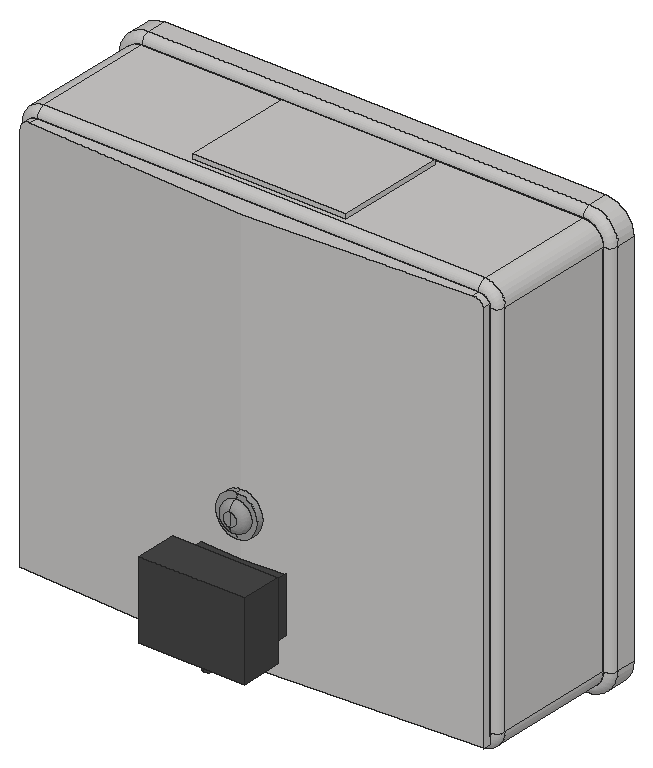
Revit family "Soap Dispenser_Metlam_Square_Button Pump", category Specialty Equipment, Revit 2016
Family settings
  Part Type = Normal
  Round Connector Dimension = Use Diameter
  OmniClass Number = 23.40.20.21.34
  OmniClass Title = Soap Holders, Dispensers
  Work Plane-Based = No
  Always vertical = Yes
  Cut with Voids When Loaded = No
  Shared = No
  Room Calculation Point = Yes
Parameters (values of type "179w x 87d x 157h (ML 603 BS)")
  URL = "http://www.metlam.com.au/"
  Type Comments = "Soap Dispensers"  # constant formula
  Button_Material = z_Metlam_Black
  Indicator_Material = z_Metlam_Plastic_Clear Gray
  Material_ANZRS = z_Metlam_Metal_Stainless Steel_Satin
  Manufacturer_URL__Product Specific = "http://metlam.com.au/product/content/soap-dispensers/ML603BS"
  Manufacturer_Spec Code = Model  # "ML 603 BS"
  Manufacturer_Overall Width = 179 mm  # constant formula
  Manufacturer_Overall Height = 157 mm  # constant formula
  Manufacturer_Overall Depth = 87 mm  # constant formula
  Manufacturer_Height From FFL [instance] = 1270 mm
  Model = "ML 603 BS"
  Manufacturer = "Metlam"  # constant formula
  Description = "Square Soap Dispenser - Button Pump Valve"  # constant formula
  CreatedBy_ANZRS = "IGS BIM Solutions"  # constant formula
  CreatedByURL_ANZRS = "http://www.igsgroup.com.au/"
  Assembly Code = ""
Reference planes
  plane 1 "Back": y = 0
  plane 2 "Ref. Level": z = 0
  plane 3 "Center (Left/Right)": x = 0
  plane 4 "Left": x = -89.5
  plane 5 "Right": x = 89.5
  plane 6 "Dispenser_Centre (Elevation)": z = 1300
  plane 7 "Top": z = 1427
  plane 8 "Bottom": z = 1270
  plane 9 "Front": y = -87
Forms (mm)
  Sweep 1, solid, material "z_Metlam_Metal_Stainless Steel_Satin" <- "Material_ANZRS"
    path origin (0, 0, 1270) x (1, 0, 0) y (0, 0, 1)
      loop
        arc (-79.5, 157) -> (-86.571, 154.071) -> (-89.5, 147) r 10
        line (-89.5, 147) -> (-89.5, 10)
        arc (-89.5, 10) -> (-86.571, 2.929) -> (-79.5, 0) r 10
        line (-79.5, 0) -> (79.5, 0)
        arc (79.5, 0) -> (86.571, 2.929) -> (89.5, 10) r 10
        line (89.5, 10) -> (89.5, 147)
        arc (89.5, 147) -> (86.571, 154.071) -> (79.5, 157) r 10
        line (79.5, 157) -> (-79.5, 157)
    profile origin (0, 0, 1427) x (0, 0, 1) y (0, -1, 0)
      loop
        line (0, 0) -> (0, 7)
        arc (0, 7) -> (-0.879, 9.121) -> (-3, 10) r 3
        line (-3, 10) -> (-3, 0) -> (0, 0)
  Extrusion 2, solid, material "z_Metlam_Metal_Stainless Steel_Satin" <- "Material_ANZRS"
    sketch origin (0, 0, 1300) x (-1, 0, 0) y (0, -1, 0)
      loop
        line (83.5, 57.199) -> (83.5, 59.986)
        arc (83.5, 59.986) -> (0.087, 64.557) -> (-83.306, 59.622) r 734.066
        line (-83.306, 59.622) -> (-83.306, 57.199) -> (83.5, 57.199)
    from -24 to 121
  Extrusion 3, solid, material "z_Metlam_Black" <- "Button_Material"
    sketch origin (0, 0, 1270) x (0, 1, 0) y (-1, 0, 0)
      loop
        circle (-79.5, 0) r 1.974
    from 11.069 to 16.045
  Extrusion 4, solid, material "z_Metlam_Metal_Stainless Steel_Satin" <- "Material_ANZRS"
    sketch origin (0, 0, 1172.5) x (1, 0, 0) y (0, 0, 1)
      loop
        line (79.5, 251.5) -> (-79.5, 251.5)
        arc (-79.5, 251.5) -> (-84.45, 249.45) -> (-86.5, 244.5) r 7
        line (-86.5, 244.5) -> (-86.5, 107.5)
        arc (-86.5, 107.5) -> (-84.45, 102.55) -> (-79.5, 100.5) r 7
        line (-79.5, 100.5) -> (79.5, 100.5)
        arc (79.5, 100.5) -> (84.45, 102.55) -> (86.5, 107.5) r 7
        line (86.5, 107.5) -> (86.5, 244.5)
        arc (86.5, 244.5) -> (84.45, 249.45) -> (79.5, 251.5) r 7
    from 0 to 10
  Sweep 5, solid, material "z_Metlam_Metal_Stainless Steel_Satin" <- "Material_ANZRS"
    path origin (0, -10, 1270) x (1, 0, 0) y (0, 0, 1)
      loop
        arc (-79.5, 154) -> (-84.45, 151.95) -> (-86.5, 147) r 7
        line (-86.5, 147) -> (-86.5, 10)
        arc (-86.5, 10) -> (-84.45, 5.05) -> (-79.5, 3) r 7
        line (-79.5, 3) -> (79.5, 3)
        arc (79.5, 3) -> (84.45, 5.05) -> (86.5, 10) r 7
        line (86.5, 10) -> (86.5, 147)
        arc (86.5, 147) -> (84.45, 151.95) -> (79.5, 154) r 7
        line (79.5, 154) -> (-79.5, 154)
    profile origin (0, -10, 1424) x (0, 0, 1) y (0, -1, 0)
      loop
        line (0, 0) -> (0, 44.199)
        arc (0, 44.199) -> (-0.879, 46.32) -> (-3, 47.199) r 3
        line (-3, 47.199) -> (-3, 0) -> (0, 0)
  Extrusion 6, solid, material "z_Metlam_Metal_Stainless Steel_Satin" <- "Material_ANZRS", detail levels medium+fine
    sketch origin (0, 0, 1427) x (-1, 0, 0) y (0, -1, 0)
      loop
        line (27.5, 12.199) -> (27.5, 52.199) -> (-27.5, 52.199) -> (-27.5, 12.199) -> (27.5, 12.199)
    from -3 to -1.408
  Revolve 7, solid, material "z_Metlam_Plastic_Clear Gray" <- "Indicator_Material"
    sketch origin (0, 0, 0) x (0, 1, 0) y (0, 0, 1)
      loop
        line (-64.559, 1325.018) -> (-64.559, 1332.518) -> (-66.844, 1332.518) -> (-66.844, 1330.358)
        arc (-66.844, 1330.358) -> (-68.958, 1329.525) -> (-69.839, 1327.43) r 2.928
        line (-69.839, 1327.43) -> (-69.839, 1325.018) -> (-64.559, 1325.018)
      axis (-64.559, 1325.018) -> (-69.839, 1325.018)
    angle from 0 to 360
  Extrusion 8, solid, material "z_Metlam_Black" <- "Button_Material"
    sketch origin (0, -87, 0) x (-1, 0, 0) y (0, 0, 1)
      loop
        line (15, 1310) -> (-15, 1310) -> (-15, 1290) -> (15, 1290) -> (15, 1310)
    from 15 to 23.629
  Extrusion 9, solid, material "z_Metlam_Black" <- "Button_Material"
    sketch origin (0, -87, 0) x (-1, 0, 0) y (0, 0, 1)
      loop
        line (19, 1314) -> (-19, 1314) -> (-19, 1286.045) -> (19, 1286.045) -> (19, 1314)
    from 0 to 15
  Extrusion 10, solid, material "z_Metlam_Metal_Stainless Steel_Satin" <- "Material_ANZRS"
    sketch origin (0, -57.199, 0) x (-1, 0, 0) y (0, 0, 1)
      loop
        arc (-79.5, 1421) -> (-82.328, 1419.828) -> (-83.5, 1417) r 4
        line (-83.5, 1417) -> (-83.5, 1280)
        arc (-83.5, 1280) -> (-82.328, 1277.172) -> (-79.5, 1276) r 4
        line (-79.5, 1276) -> (79.5, 1276)
        arc (79.5, 1276) -> (82.328, 1277.172) -> (83.5, 1280) r 4
        line (83.5, 1280) -> (83.5, 1417)
        arc (83.5, 1417) -> (82.328, 1419.828) -> (79.5, 1421) r 4
        line (79.5, 1421) -> (-79.5, 1421)
    from 0 to 10
  Extrusion 11, void
    sketch origin (36.042, -87, 1148.656) x (1, 0, 0) y (0, 0, 1)
      loop
        line (-115.542, 272.344) -> (-119.542, 272.344) -> (-119.542, 268.344)
        arc (-119.542, 268.344) -> (-118.371, 271.172) -> (-115.542, 272.344) r 4
      loop
        arc (43.458, 272.344) -> (46.286, 271.172) -> (47.458, 268.344) r 4
        line (47.458, 268.344) -> (47.458, 272.344) -> (43.458, 272.344)
      loop
        line (43.458, -1142.656) -> (47.263, -1142.656) -> (47.263, -1139.887)
        arc (47.263, -1139.887) -> (45.811, -1141.891) -> (43.458, -1142.656) r 4
      loop
        arc (-115.542, -1142.656) -> (-117.896, -1141.891) -> (-119.348, -1139.887) r 4
        line (-119.348, -1139.887) -> (-119.348, -1142.656) -> (-115.542, -1142.656)
    from -31.008 to -26.181
Cuts and joins
  Extrusion 11 cuts Extrusion 2
Lines and regions (mm)
  Masking region 1
    outline origin (0, 0, 1427) x (-1, 0, 0) y (0, -1, 0)
      loop
        line (-89.5, 0) -> (89.5, 0) -> (89.5, 7.08)
        arc (89.5, 7.08) -> (88.653, 9.126) -> (86.607, 9.973) r 2.893
        line (86.607, 9.973) -> (86.607, 54.108)
        arc (86.607, 54.108) -> (85.697, 56.305) -> (83.5, 57.214) r 3.107
        line (83.5, 57.214) -> (83.5, 59.986)
        arc (83.5, 59.986) -> (49.302, 63.013) -> (15, 64.438) r 734.066
        line (15, 64.438) -> (15, 72) -> (19, 72) -> (19, 87) -> (-19, 87) -> (-19, 72) -> (-15, 72) -> (-15, 64.369)
        arc (-15, 64.369) -> (-49.208, 62.792) -> (-83.306, 59.622) r 734.066
        line (-83.306, 59.622) -> (-83.306, 57.22)
        arc (-83.306, 57.22) -> (-85.564, 56.285) -> (-86.5, 54.026) r 3.194
        line (-86.5, 54.026) -> (-86.5, 10)
        arc (-86.5, 10) -> (-88.621, 9.121) -> (-89.5, 7) r 3
        line (-89.5, 7) -> (-89.5, 0)
  symbolic lines, style "Bathroom Fixtures", detail levels medium+fine
    curve 1: line (-86.5, -10, 1427) -> (86.5, -10, 1427)
    curve 2: line (-83.496, -57.199, 1427) -> (83.306, -57.199, 1427)
    curve 3: line (-27.5, -12.199, 1427) -> (-27.5, -52.199, 1427)
    curve 4: line (-27.5, -52.199, 1427) -> (27.5, -52.199, 1427)
    curve 5: line (27.5, -52.199, 1427) -> (27.5, -12.199, 1427)
    curve 6: line (27.5, -12.199, 1427) -> (-27.5, -12.199, 1427)
    curve 7: arc (-15, -64.438, 1427) -> (0, -64.557, 1427) -> (15, -64.369, 1427) r 734.066
    curve 8: line (-15, -72, 1427) -> (15, -72, 1427)
  model lines, style "InvisibleLines"
    curve 9: line (0, 0, 1427) -> (0, 0, 0)
Text (mm)
  text "> Contact Manufacturer to confirm feasibility of design variations outside the scope of this Revit Family\n\n\n\nDisclaimer:\n\nDue to ongoing product development and manufacturing evolution, product details are subject to change without notice. Please refer to product technical data sheets on the manufacturer’s website for the most current product information. Please allow a +/- 5mm manufacturing tolerance for dimensions and set-outs shown in product literature." at (184.489, 125.063, 0), in view "Ref. Level_Instruction"
Dimensions and locks
  "Manufacturer_Overall Width": plane 4 "Left" to plane 5 "Right"
  locked: plane 4 "Left" to Extrusion 2 sketch curve at 6
  locked: Extrusion 2 sketch curve to plane 5 "Right" at 6.194
  "Manufacturer_Overall Depth": plane 9 "Front" to plane 1 "Back"
  "Manufacturer_Height From FFL": plane 8 "Bottom" to level
  Extrusion 9 sketch curve to Extrusion 9 sketch curve = 38 mm
  Extrusion 9 sketch curve to Extrusion 9 sketch curve = 27.955 mm
  "Manufacturer_Overall Height": plane 7 "Top" to plane 8 "Bottom"
  equal spacing: plane 4 "Left", plane 3 "Center (Left/Right)", plane 5 "Right"
  locked: plane 6 "Dispenser_Centre (Elevation)" to plane 8 "Bottom" at 30
  aligned and locked: level to plane 2 "Ref. Level"
  aligned and locked: Masking region 1 sketch curve to Sweep 1
  aligned and locked: Masking region 1 sketch curve to plane 4 "Left"
  aligned and locked: curve 3 to Extrusion 6
  aligned and locked: curve 4 to Extrusion 6
  aligned and locked: curve 5 to Extrusion 6
  aligned and locked: curve 6 to Extrusion 6
  aligned and locked: profile plane to Sweep 1 sketch curve
  aligned and locked: plane 7 "Top" to Sweep 1 sketch curve
  aligned and locked: plane 8 "Bottom" to Sweep 1 sketch curve
  aligned and locked: Extrusion 8 to Extrusion 9
  aligned and locked: Sweep 1 to Extrusion 6
  aligned and locked: Extrusion 2 to Sweep 5  (x2)
  aligned and locked: Extrusion 3 to Extrusion 9
Automatic sketch dimensions
  Sweep 1 sketch curve to plane 4 "Left" = 0 mm
  Sweep 1 sketch curve to plane 5 "Right" = 0 mm
  plane 4 "Left" to Sweep 1 sketch curve = 10 mm
  Sweep 1 sketch curve to Sweep 1 sketch curve = 10 mm
  Sweep 1 sketch curve to plane 5 "Right" = 10 mm  (x2)
  Sweep 1 sketch curve to profile plane = 0 mm
  Sweep 1 sketch curve to Sweep 1 sketch curve = 3 mm  (x2)
  Sweep 1 sketch curve to Sweep 1 sketch curve = 7 mm
  Sweep 1 sketch curve to Sweep 1 sketch curve = 0 mm
  Extrusion 2 sketch curve to plane 3 "Center (Left/Right)" = 1.69 mm
  Extrusion 2 sketch curve to plane 1 "Back" = 669.506 mm
  Extrusion 2 sketch curve to Extrusion 2 sketch curve = 2.423 mm
  Extrusion 3 sketch curve to plane 3 "Center (Left/Right)" = 0 mm
  plane 9 "Front" to Extrusion 3 sketch curve = 7.5 mm
  plane 4 "Left" to Extrusion 4 sketch curve = 3 mm
  plane 7 "Top" to Extrusion 4 sketch curve = 3 mm
  Extrusion 4 sketch curve to Extrusion 4 sketch curve = 7 mm  (x2)
  plane 8 "Bottom" to Extrusion 4 sketch curve = 3 mm
  Extrusion 4 sketch curve to plane 5 "Right" = 10 mm  (x2)
  Extrusion 4 sketch curve to plane 5 "Right" = 3 mm
  plane 4 "Left" to Sweep 5 sketch curve = 3 mm
  plane 8 "Bottom" to Sweep 5 sketch curve = 3 mm
  Sweep 5 sketch curve to Sweep 5 sketch curve = 7 mm  (x2)
  Sweep 5 sketch curve to plane 5 "Right" = 10 mm  (x2)
  Sweep 5 sketch curve to plane 5 "Right" = 3 mm
  plane 7 "Top" to Sweep 5 sketch curve = 10 mm
  Sweep 5 sketch curve to profile plane = 0 mm
  profile plane to Sweep 5 sketch curve = 0 mm
  profile plane to Sweep 5 sketch curve = 3 mm
  profile plane to Sweep 5 sketch curve = 44.199 mm
  plane 1 "Back" to Extrusion 6 sketch curve = 12.199 mm
  plane 3 "Center (Left/Right)" to Extrusion 6 sketch curve = 27.5 mm
  Extrusion 6 sketch curve to plane 3 "Center (Left/Right)" = 27.5 mm
  Masking region 1 sketch curve to Masking region 1 sketch curve = 0 mm  (x2)
  Masking region 1 sketch curve to plane 5 "Right" = 0 mm  (x2)
  Masking region 1 sketch curve to plane 9 "Front" = 0 mm
  Masking region 1 sketch curve to plane 5 "Right" = 3 mm
  Masking region 1 sketch curve to Masking region 1 sketch curve = 3.194 mm
  plane 3 "Center (Left/Right)" to Masking region 1 sketch curve = 19 mm
  Masking region 1 sketch curve to Masking region 1 sketch curve = 4 mm  (x2)
  Masking region 1 sketch curve to plane 3 "Center (Left/Right)" = 1.69 mm
  Masking region 1 sketch curve to plane 3 "Center (Left/Right)" = 15 mm
  plane 4 "Left" to Masking region 1 sketch curve = 6 mm
  Masking region 1 sketch curve to Masking region 1 sketch curve = 2.893 mm
  Masking region 1 sketch curve to plane 1 "Back" = 669.506 mm
  plane 1 "Back" to Masking region 1 sketch curve = 7 mm
  plane 1 "Back" to Masking region 1 sketch curve = 7.08 mm
  Masking region 1 sketch curve to Masking region 1 sketch curve = 2.401 mm
  Masking region 1 sketch curve to Masking region 1 sketch curve = 2.772 mm
  Masking region 1 sketch curve to Masking region 1 sketch curve = 7.562 mm
  Masking region 1 sketch curve to Masking region 1 sketch curve = 7.631 mm
  Revolve 7 sketch curve to Revolve 7 sketch curve = 0.067 mm
  Revolve 7 sketch curve to Revolve 7 sketch curve = 2.285 mm
  Revolve 7 sketch curve to Revolve 7 sketch curve = 7.686 mm
  Revolve 7 sketch curve to Revolve 7 sketch curve = 4.573 mm
  plane 3 "Center (Left/Right)" to Extrusion 8 sketch curve = 15 mm
  Extrusion 8 sketch curve to plane 3 "Center (Left/Right)" = 15 mm
  plane 6 "Dispenser_Centre (Elevation)" to Extrusion 8 sketch curve = 10 mm
  Extrusion 8 sketch curve to plane 6 "Dispenser_Centre (Elevation)" = 10 mm
  plane 3 "Center (Left/Right)" to Extrusion 9 sketch curve = 19 mm
  Extrusion 9 sketch curve to plane 3 "Center (Left/Right)" = 19 mm
  plane 6 "Dispenser_Centre (Elevation)" to Extrusion 9 sketch curve = 13.955 mm
  Extrusion 9 sketch curve to plane 6 "Dispenser_Centre (Elevation)" = 14 mm
  Extrusion 10 sketch curve to plane 5 "Right" = 6 mm
  Extrusion 10 sketch curve to Extrusion 10 sketch curve = 4 mm  (x3)
  plane 4 "Left" to Extrusion 10 sketch curve = 10 mm  (x2)
  plane 8 "Bottom" to Extrusion 10 sketch curve = 6 mm
  plane 7 "Top" to Extrusion 10 sketch curve = 10 mm
  plane 4 "Left" to Extrusion 11 sketch curve = 6 mm
  plane 4 "Left" to Extrusion 11 sketch curve = 6.194 mm
  Extrusion 11 sketch curve to Extrusion 11 sketch curve = 4 mm  (x6)
  Extrusion 11 sketch curve to Extrusion 11 sketch curve = 3.806 mm  (x2)
  Extrusion 11 sketch curve to plane 5 "Right" = 10 mm  (x2)
  level to Extrusion 11 sketch curve = 6 mm  (x2)
  Extrusion 11 sketch curve to Extrusion 11 sketch curve = 2.769 mm  (x2)
  plane 7 "Top" to Extrusion 11 sketch curve = 10 mm  (x2)
  Extrusion 11 sketch curve to Extrusion 11 sketch curve = 0 mm  (x8)
  curve 7 to plane 3 "Center (Left/Right)" = 1.69 mm
  plane 1 "Back" to curve 5 = 12.199 mm
  curve 7 to plane 1 "Back" = 669.506 mm
  curve 2 to plane 5 "Right" = 6.194 mm
  curve 1 to plane 5 "Right" = 3 mm
  curve 8 to curve 7 = 0 mm  (x2)
  plane 4 "Left" to curve 2 = 6.004 mm
  plane 4 "Left" to curve 1 = 3 mm
  plane 1 "Back" to curve 1 = 10 mm
  curve 7 to curve 8 = 7.562 mm
  plane 9 "Front" to Extrusion 2 sketch curve = 29.801 mm
  plane 9 "Front" to Extrusion 6 sketch curve = 34.801 mm
  plane 9 "Front" to Masking region 1 sketch curve = 32.974 mm
  plane 9 "Front" to Masking region 1 sketch curve = 32.892 mm
  curve 4 to curve 7 = 12.239 mm
  plane 9 "Front" to curve 2 = 29.801 mm
  plane 9 "Front" to curve 4 = 34.801 mm
  plane 3 "Center (Left/Right)" to curve 6 = 27.5 mm
  plane 3 "Center (Left/Right)" to curve 8 = 15 mm
  curve 4 to plane 3 "Center (Left/Right)" = 27.5 mm
  curve 7 to plane 3 "Center (Left/Right)" = 15 mm
  plane 9 "Front" to Revolve 7 sketch curve = 17.161 mm
  Revolve 7 sketch curve to Revolve 7 sketch curve = 2.161 mm
  Revolve 7 sketch curve to Revolve 7 sketch curve = 2.928 mm
  Revolve 7 sketch curve to plane 6 "Dispenser_Centre (Elevation)" = 25.018 mm
  Revolve 7 sketch curve to Revolve 7 sketch curve = 2.412 mm
  Revolve 7 sketch curve to Revolve 7 sketch curve = 0 mm
  curve 9 to level = 0 mm
  plane 3 "Center (Left/Right)" to curve 9 = 0 mm
  curve 9 to plane 7 "Top" = 0 mm
  radius of Extrusion 3 sketch curve = 1.974 mm
